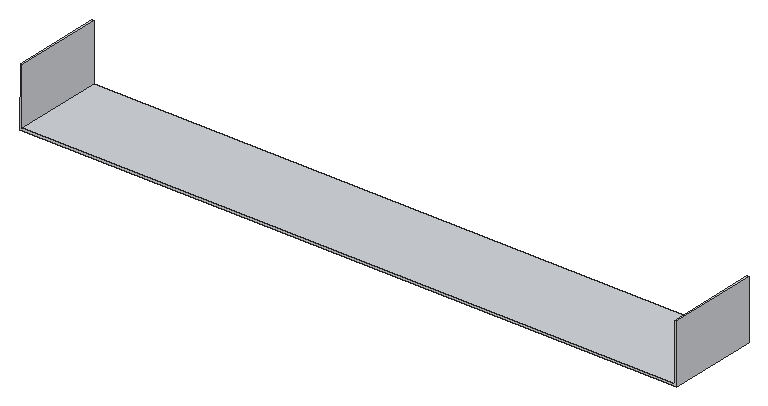
Revit family "Estrichüberdecktes Kanalsystem EÜK_Kanal-Endverschlussstück", category Generic Models, Revit 2015
Parameters (values of type "SES 35048")
  Width = 350 mm
  URL = "http://www.obo-bettermann.com"
  Material = Steel, Galvanized
  Manufacturer Art. No. = "7404022"
  Manufacturer = "OBO Bettermann"
  Length = 31.4 mm
  Height = 48 mm
  GTIN = "4012195098942"
  Article Type = "SES 35048"
Types (10, lengths in mm): name | Width | Manufacturer Art. No. | Height | GTIN | Article Type
  (no name) | 350 | "7404022" | 48 | "4012195098942" | "SES 35048"
  SES 19027 | 190 | "7403980" | 27 | "4012195098829" | "SES 19027"
  SES 25027 | 250 | "7404002" | 27 | "4012195098874" | "SES 25027"
  SES 19037 | 190 | "7403984" | 39 | "4012195098850" | "SES 19037"
  SES 19048 | 190 | "7403988" | 48 | "4012195098867" | "SES 19048"
  SES 25037 | 250 | "7404006" | 37 | "4012195098881" | "SES 25037"
  SES 25048 | 250 | "7404010" | 48 | "4012195098911" | "SES 25048"
  SES 35027 | 350 | "7404014" | 27 | "4012195098928" | "SES 35027"
  SES 35037 | 350 | "7404018" | 37 | "4012195098935" | "SES 35037"
  SES 35048 | 350 | "7404022" | 48 | "4012195098942" | "SES 35048"
Reference planes
  plane 1 "Center (Front/Back)": y = 0
  plane 2: z = 0
  plane 3 "Center (Left/Right)": x = 0
  plane 4: x = 350
  plane 5: z = 31.4
  plane 6: y = -48
Forms (mm)
  Extrusion 1, solid
    sketch origin (0, 0, 0) x (1, 0, 0) y (0, 0, 1)
      loop
        line (349, 1) -> (1, 1) -> (1, 31.4) -> (0, 31.4) -> (0, 0) -> (350, 0) -> (350, 31.4) -> (349, 31.4) -> (349, 1)
    from 0 to 48
Lines and regions (mm)
  model lines
    curve 1: line (0, 0, 31.4) -> (0, 0, 0)
    curve 2: line (350, 0, 0) -> (350, 0, 31.4)
    curve 3: line (349, 0, 31.4) -> (349, 0, 1)
    curve 4: line (349, 0, 1) -> (1, 0, 1)
    curve 5: line (1, 0, 1) -> (1, 0, 31.4)
    curve 6: line (1, 0, 31.4) -> (0, 0, 31.4)
    curve 7: line (0, 0, 0) -> (350, 0, 0)
    curve 8: line (349, 0, 31.4) -> (350, 0, 31.4)
Dimensions and locks
  locked: curve 7 to curve 4 at 1
  "Width": plane 3 "Center (Left/Right)" to plane 4
  "Length": level to plane 5
  locked: curve 2 to curve 3 at 1
  locked: curve 1 to curve 5 at 1
  "Height": plane 1 "Center (Front/Back)" to plane 6
  aligned and locked: level to plane 2
  aligned and locked: curve 7 to level
  aligned and locked: curve 1 to plane 3 "Center (Left/Right)"
  aligned and locked: curve 2 to plane 4
  aligned and locked: plane 5 to curve 6
  aligned and locked: curve 8 to plane 5
  aligned and locked: Extrusion 1 sketch curve to curve 3
  aligned and locked: Extrusion 1 sketch curve to curve 8
  aligned and locked: Extrusion 1 sketch curve to curve 2
  aligned and locked: Extrusion 1 sketch curve to curve 7
  aligned and locked: Extrusion 1 sketch curve to curve 1
  aligned and locked: Extrusion 1 sketch curve to curve 6
  aligned and locked: Extrusion 1 sketch curve to curve 5
  aligned and locked: Extrusion 1 sketch curve to curve 4
  aligned and locked: Extrusion 1 to plane 6
